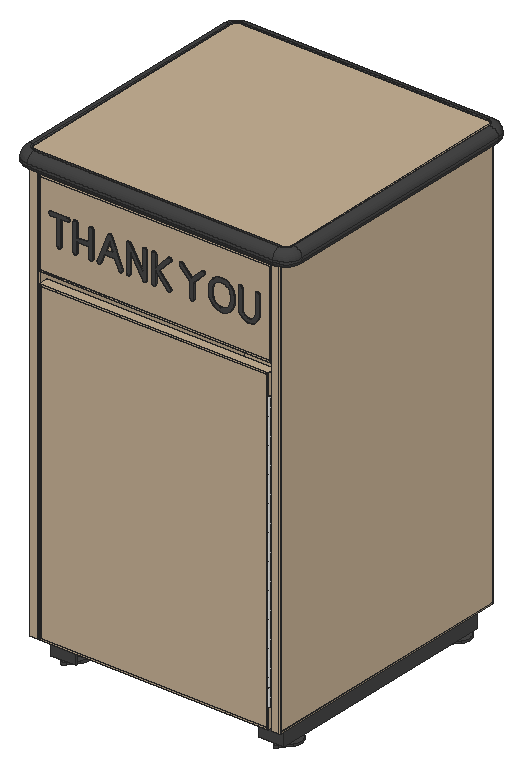
Revit family "Plymold-Essentials-Dur-A-Edge-Waste_Receptacle-", category Furniture, Revit 2022 (continued)
Definition of nested family "Door_Style-Receptacles"
  Definition of nested family "Door-Receptacle"
    Dimensions and locks (in)
      plane 7 to Extrusion 5 sketch curve to Extrusion 5 sketch curve to Extrusion 5 sketch curve to Extrusion 5 sketch curve to Extrusion 5 sketch curve to Extrusion 5 sketch curve to Extrusion 5 sketch curve to Extrusion 5 sketch curve to Extrusion 5 sketch curve to Extrusion 5 sketch curve to Extrusion 5 sketch curve to Extrusion 5 sketch curve to Extrusion 5 sketch curve to Extrusion 5 sketch curve to Extrusion 5 sketch curve to Extrusion 5 sketch curve to Extrusion 5 sketch curve to Extrusion 5 sketch curve to Extrusion 5 sketch curve to Extrusion 5 sketch curve to Extrusion 5 sketch curve to Extrusion 5 sketch curve = 4.31197" locked, 0.17521" locked, 0.01279" locked, 0" locked, 0" locked, 0.188" locked, 0.49089" locked, 0.08297" locked, 0.23814" locked, 0.09359" locked, 0.01341" locked, 0.065" locked, 0.0775" locked, 0.0615" locked, 0.09441" locked, 0.09359" locked, 0.048" locked, 0.14" locked, 0" locked, 0.13311" locked, 0.67801" locked, 0.00088" locked
      locked: Sweep 2 to Extrusion 5 at 0.0244
      plane 6 to Extrusion 6 sketch curve to Extrusion 6 sketch curve = 0.46457" locked, 0.54665" locked
      Extrusion 6 sketch curve to Extrusion 6 sketch curve to plane 4 = 0.08549" locked, 0.03951" locked
      locked: Extrusion 6 to plane 8 at 2.0625
      locked: plane 7 to Extrusion 6 at 12.68747
      locked: Extrusion 7 sketch curve to Extrusion 7 sketch curve at 0.03125  (x31)
      equal spacing: Extrusion 6, Extrusion 7 sketch curve, Extrusion 7 sketch curve, Extrusion 7 sketch curve, Extrusion 7 sketch curve, Extrusion 7 sketch curve, Extrusion 7 sketch curve, Extrusion 7 sketch curve, Extrusion 7 sketch curve, Extrusion 7 sketch curve, Extrusion 7 sketch curve, Extrusion 7 sketch curve, Extrusion 7 sketch curve, Extrusion 7 sketch curve, Extrusion 7 sketch curve, Extrusion 7 sketch curve, Extrusion 7 sketch curve, Extrusion 7 sketch curve, Extrusion 7 sketch curve, Extrusion 7 sketch curve, Extrusion 7 sketch curve, Extrusion 7 sketch curve, Extrusion 7 sketch curve, Extrusion 7 sketch curve, Extrusion 7 sketch curve, Extrusion 7 sketch curve, Extrusion 7 sketch curve, Extrusion 7 sketch curve, Extrusion 7 sketch curve, Extrusion 7 sketch curve, Extrusion 7 sketch curve, Extrusion 7 sketch curve, Extrusion 6, locked at 0.8125 each
      Extrusion 7 sketch curve to plane 4 to Extrusion 7 sketch curve = 0.16754" locked, 0.2495" locked
      locked: Extrusion 7 to plane 6 at 1.63329
      Extrusion 8 sketch curve to plane 8 to Extrusion 8 sketch curve to Extrusion 8 sketch curve = 1" locked, 1 7/8" locked, 1/8" locked
      plane 1 "Center (Front/Back)" to Extrusion 8 sketch curve to Extrusion 8 sketch curve to Extrusion 8 sketch curve = 1.38234" locked, 1/8" locked, 1.36444" locked
      plane 1 "Center (Front/Back)" to Extrusion 10 sketch curve to Extrusion 10 sketch curve to Extrusion 10 sketch curve to Extrusion 10 sketch curve = 0.50734" locked, 3/32" locked, 11/16" locked, 3/32" locked
      Extrusion 10 sketch curve to Extrusion 10 sketch curve to plane 8 = 1/32" locked, 3/32" locked
      plane 1 "Center (Front/Back)" to Extrusion 9 sketch curve to Extrusion 9 sketch curve = 0.50734" locked, 7/8" locked
      locked: Extrusion 9 sketch curve to plane 7 at 1.25
      equal spacing: plane 5, plane 3 "Center (Left/Right)", plane 4
      locked: plane 9 to plane 4 at 0.25
      locked: plane 5 to Extrusion 8 at 0.125
      locked: Extrusion 8 to plane 4 at 0.125
      aligned and locked: plane 2 to level
      aligned and locked: plane 8 to Sweep 1 sketch curve
      aligned and locked: profile plane to Sweep 1 sketch curve
      aligned and locked: Sweep 2 sketch curve to profile plane
      aligned and locked: Extrusion 3 sketch curve to Sweep 1  (x4)
      aligned and locked: Extrusion 3 to Sweep 2
      aligned and locked: Sweep 2 to Extrusion 3
      aligned and locked: Extrusion 4 sketch curve to Sweep 2  (x4)
      aligned and locked: Sweep 2 to Extrusion 4  (x2)
      aligned and locked: Extrusion 5 sketch curve to Extrusion 5 sketch curve  (x6)
      aligned and locked: Extrusion 5 to Sweep 2
      aligned and locked: Extrusion 6 sketch curve to plane 4
      aligned and locked: Extrusion 7 sketch curve to Extrusion 7 sketch curve  (x60)
      aligned and locked: plane 6 to Extrusion 7
      aligned and locked: curve 1 to Sweep 1
      aligned and locked: curve 2 to Sweep 1
      aligned and locked: curve 3 to Sweep 1
      aligned and locked: curve 4 to Sweep 1
      aligned and locked: Extrusion 10 to Extrusion 9  (x2)
      aligned and locked: Extrusion 9 to Extrusion 10  (x2)
      aligned and locked: plane 8 to Extrusion 10 sketch curve
      aligned and locked: Extrusion 9 sketch curve to Extrusion 10
      aligned and locked: plane 5 to Extrusion 9
      aligned and locked: plane 4 to Extrusion 9
      aligned and locked: plane 5 to Extrusion 10
      aligned and locked: plane 4 to Extrusion 10
      aligned and locked: curve 8 to plane 4
      aligned and locked: curve 6 to plane 5
      aligned and locked: curve 5 to Extrusion 10
      aligned and locked: Extrusion 8 to Extrusion 9
      aligned and locked: Extrusion 9 to plane 4  (x5)
      aligned and locked: plane 5 to Sweep 2 sketch curve
      aligned and locked: plane 4 to Sweep 2 sketch curve
      aligned and locked: Extrusion 9 to plane 5
    Automatic sketch dimensions
      Extrusion 5 sketch curve to Extrusion 5 sketch curve = 0"  (x6)
      Extrusion 5 sketch curve to Extrusion 5 sketch curve = 0.17462"  (x4)
      Extrusion 5 sketch curve to Extrusion 5 sketch curve = 0.15001"
      Extrusion 5 sketch curve to Extrusion 5 sketch curve = 0.17576"  (x2)
      Extrusion 5 sketch curve to Extrusion 5 sketch curve = 0.188"  (x2)
      Extrusion 5 sketch curve to Extrusion 5 sketch curve = 0.16122"
      Extrusion 5 sketch curve to Extrusion 5 sketch curve = 0.34922"
      Extrusion 5 sketch curve to Extrusion 5 sketch curve = 0.13857"  (x4)
      Extrusion 5 sketch curve to Extrusion 5 sketch curve = 1.11243"
      Extrusion 5 sketch curve to Extrusion 5 sketch curve = 0.13409"  (x4)
      Extrusion 5 sketch curve to Extrusion 5 sketch curve = 0.7756"
      Extrusion 5 sketch curve to Extrusion 5 sketch curve = 1.37631"
      Extrusion 5 sketch curve to Extrusion 5 sketch curve = 0.95447"
      Extrusion 5 sketch curve to Extrusion 5 sketch curve = 0.0005"  (x2)
      Extrusion 5 sketch curve to Extrusion 5 sketch curve = 0.12631"  (x2)
      Extrusion 5 sketch curve to Extrusion 5 sketch curve = 0.06473"
      Extrusion 5 sketch curve to Extrusion 5 sketch curve = 0.95141"
      Extrusion 5 sketch curve to Extrusion 5 sketch curve = 0.06966"  (x2)
      Extrusion 5 sketch curve to Extrusion 5 sketch curve = 0.13177"  (x2)
      Extrusion 5 sketch curve to Extrusion 5 sketch curve = 0.86823"
      Extrusion 5 sketch curve to Extrusion 5 sketch curve = 0.00596"
      Extrusion 5 sketch curve to Extrusion 5 sketch curve = 0.50403"
      Extrusion 5 sketch curve to Extrusion 5 sketch curve = 0.01438"
      Extrusion 5 sketch curve to Extrusion 5 sketch curve = 0.67889"  (x2)
      Extrusion 5 sketch curve to Extrusion 5 sketch curve = 0.07012"
      plane 1 "Center (Front/Back)" to curve 8 = 1.38234"
Types (4): name | Width | DIVIDER MATERIAL | Product Documentation Link | Model | Description
  (no name) | 26" | none | "https://plymold.com/product/swing-door-dur-a-edge-waste-receptacle/" | "80100DE" | "Swing Door Dur-a-Edge Waste Receptacle - 26\"W x 26\"D x 43 1/4\"H"
  80100DE | 26" | none | "https://plymold.com/product/swing-door-dur-a-edge-waste-receptacle/" | "80100DE" | "Swing Door Dur-a-Edge Waste Receptacle - 26\"W x 26\"D x 43 1/4\"H"
  80200DE | 47" | PLY - Solid Oak Vertical | "https://plymold.com/product/double-swing-door-dur-a-edge-waste-receptacle/" | "80200DE" | "Double Swing Door Dur-A-Edge Waste Receptacle - 47\"W x 26\"D x 43 1/4\"H"
  80300DE | 72" | PLY - Solid Oak Vertical | "https://plymold.com/product/double-swing-door-dur-a-edge-waste-receptacle/" | "80300DE" | "Triple Swing Door Dur-A-Edge Waste Receptacle - 72\"W x 26\"D x 43 1/4\"H"
